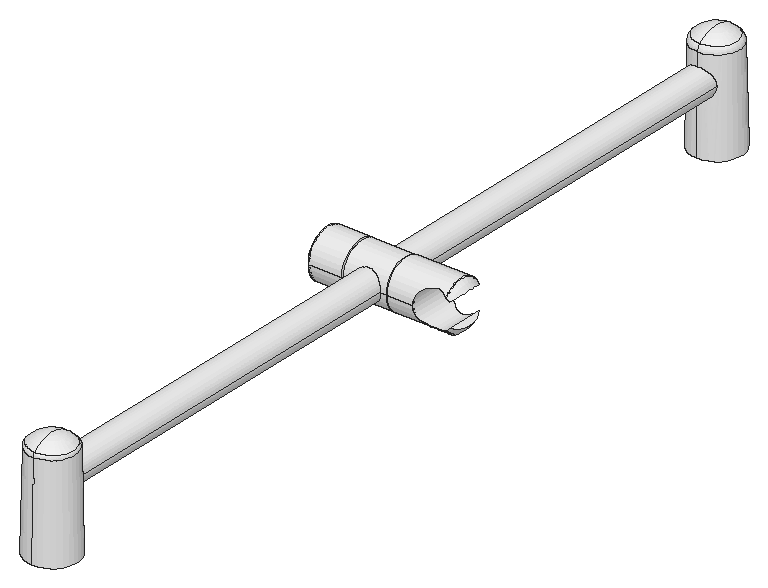
Revit family "Shower_Bar-GROHE-Tempesta-27523_Series", category Plumbing Fixtures, host Face, Revit 2014
Parameters (values of type "27523000")
  cUPC Compliant = yes
  Width = 2 7/8"
  Waste Connection = no
  Warranty Documentation Link = "https://cdn.cloud.grohe.com/tpi/1000/1900/1940/1949/1949006/original/1949006.pdf"
  WFU = 4  # constant formula
  Vent Connection = no
  URL = "https://www.grohe.us/"
  Type Comments = ""
  Tempered Connection Radius = Tempered Connection Diameter / 2  # 1/4"
  Tempered Connection Diameter = Hot Water Connection Diameter  # 1/2"
  Product Page URL = "https://www.grohe.us/en_us/new-tempesta-100-24-shower-bar-27523000.html"
  Price = "Prices may vary. Please consult Manufacturer Representative for most up-to-date price list."  # constant formula
  Model = "27523000"
  Material = "Metal-Grohe-000-Chrome"
  Manufacturer = "Grohe"
  Length = 3 3/16"  # constant formula
  Installation Type = "Wall Mounted"
  Hot Water Connection Radius = Hot Water Connection Diameter / 2  # 1/4"
  Hot Water Connection Diameter = Cold Water Connection Diameter  # 1/2"
  Height = 24 7/16"
  HWFU = 3  # constant formula
  Finish = Metal-Grohe-000-Chrome
  Description = "New Tempesta 24\" Shower Bar"
  Default Elevation = 78"  # constant formula
  Creation Date = "03/01/2017"  # constant formula
  Cold Water Connection Radius = 1/4"  # constant formula
  Cold Water Connection Diameter = Cold Water Connection Radius * 2  # 1/2"
  CalGreen Compliant = yes
  CWFU = 3  # constant formula
  Assembly Code = "D2010710"
Types (3): name | Product Page URL | Model | Material | Height | Finish
  (no name) | "https://www.grohe.us/en_us/new-tempesta-100-24-shower-bar-27523000.html" | "27523000" | "Metal-Grohe-000-Chrome" | 24 7/16" | Metal-Grohe-000-Chrome
  27523000 | "https://www.grohe.us/en_us/new-tempesta-100-24-shower-bar-27523000.html" | "27523000" | "Metal-Grohe-000-Chrome" | 24 7/16" | Metal-Grohe-000-Chrome
  27523EN0 | "https://www.grohe.us/en_us/new-tempesta-24-shower-bar-27523EN0.html" | "27523EN0" | "Metal-Grohe-EN0-Brushed Nickel" | 24 105/256" | Metal-Grohe-EN0-Brushed Nickel
Reference planes (in)
  plane 1 "Center (Front/Back)": y = 0
  plane 2: z = 0
  plane 3 "Center (Left/Right)": x = 0
  plane 4: x = -1.4375
  plane 5: x = 1.4375
  plane 6: z = 2.40157
  plane 7: z = 1.53543
  plane 8: z = 1.96181
  plane 9: x = -6
  plane 10: y = 12.21875
  plane 11: y = -12.21875
  plane 12: z = 3.1875
  plane 13: x = 1.9422
  plane 14: y = 0.0625
  plane 15: y = -9.94675
  plane 16: x = -1.44997
  plane 17: x = -0.90067
Forms (in)
  Revolve 1, solid, material "Metal-Grohe-000-Chrome" <- "Finish"
    sketch origin (0, 0, 0) x (0, 1, 0) y (0, 0, 1)
      loop
        line (12.21875, 0) -> (12.9513, 0) -> (12.90283, 2.77689)
        arc (12.90283, 2.77689) -> (12.88001, 2.87696) -> (12.8189, 2.95943) r 0.25
        arc (12.8189, 2.95943) -> (12.53976, 3.12856) -> (12.21875, 3.1875) r 0.90366
        line (12.21875, 3.1875) -> (12.21875, 0)
      axis (12.21875, 3.1875) -> (12.21875, 0)
    angle from 0 to 360
  Extrusion 2, solid, material "Metal-Grohe-000-Chrome" <- "Finish"
    sketch origin (0, 0, 0) x (1, 0, 0) y (0, 0, 1)
      loop
        circle (0, 1.96181) r 0.43977
    from -12.21875 to 12.21875
  Revolve 3, solid, material "Metal-Grohe-000-Chrome" <- "Finish"
    sketch origin (0, 0, 0) x (0, -1, 0) y (0, 0, 1)
      loop
        line (12.21875, 0) -> (12.9513, 0) -> (12.90213, 2.81713)
        arc (12.90213, 2.81713) -> (12.88982, 2.87489) -> (12.85674, 2.92382) r 0.15446
        arc (12.85674, 2.92382) -> (12.56392, 3.11898) -> (12.21875, 3.1875) r 0.90366
        line (12.21875, 3.1875) -> (12.21875, 0)
      axis (12.21875, 3.1875) -> (12.21875, 0)
    angle from 0 to 360
  Revolve 4, solid, material "Metal-Grohe-000-Chrome" <- "Finish"
    sketch origin (0, 0, 1.96181) x (1, 0, 0) y (0, 1, 0)
      loop
        line (-1.95278, 0) -> (2.64519, 0)
        arc (2.64519, 0) -> (2.54925, 0.39346) -> (2.28298, 0.6986) r 0.85482
        arc (2.28298, 0.6986) -> (2.2679, 0.70609) -> (2.25127, 0.70866) r 0.05503
        line (2.25127, 0.70866) -> (0.66339, 0.70866) -> (0.66339, 0.65724) -> (0.62621, 0.65724) -> (0.62621, 0.70866) -> (-0.62992, 0.70866) -> (-0.62992, 0.65724) -> (-0.68307, 0.65724) -> (-0.68307, 0.70866) -> (-1.64819, 0.70866)
        arc (-1.64819, 0.70866) -> (-1.66596, 0.70495) -> (-1.68075, 0.69443) r 0.04436
        arc (-1.68075, 0.69443) -> (-1.88234, 0.37291) -> (-1.95278, 0) r 1.02238
      axis (2.64519, 0) -> (-1.95278, 0)
    angle from 0 to 360
  Extrusion 5, void
    sketch origin (0, 0, 0) x (1, 0, 0) y (0, 0, 1)
      loop
        arc (2.35799, 2.30852) -> (1.39819, 1.95772) -> (2.35799, 1.60691) r 0.54401
        line (2.35799, 1.60691) -> (2.61361, 1.39125)
        arc (2.61361, 1.39125) -> (2.73029, 1.95772) -> (2.61361, 2.52419) r 1.43348
        line (2.61361, 2.52419) -> (2.35799, 2.30852)
    from -0.96532 to 1.45825
  Extrusion 6, solid, material "Metal-Grohe-000-Chrome" <- "Finish"
    sketch origin (0.15234, 0, 0) x (1, 0, 0) y (0, 0, 1)
      loop
        circle (-1.32365, 1.96181) r 0.26619
    from -0.80288 to 0
Cuts and joins
  Extrusion 5 cuts Revolve 1
  Extrusion 5 cuts Extrusion 2
  Extrusion 5 cuts Revolve 3
  Extrusion 5 cuts Revolve 4
  joined: Revolve 1, Extrusion 2, Revolve 3, Revolve 4, Extrusion 6
Lines and regions (in)
  Masking region 1
    outline origin (0, 0, 0) x (1, 0, 0) y (0, 0, 1)
      loop
        arc (2.30266, 1.25984) -> (2.41447, 1.36162) -> (2.50684, 1.48133) r 0.86429
        line (2.50684, 1.48133) -> (2.35799, 1.60691)
        arc (2.35799, 1.60691) -> (1.39819, 1.95772) -> (2.35799, 2.30852) r 0.54401
        line (2.35799, 2.30852) -> (2.49819, 2.42681)
        arc (2.49819, 2.42681) -> (2.38806, 2.56069) -> (2.25342, 2.66991) r 0.86429
        line (2.25342, 2.66991) -> (0.68955, 2.66991) -> (0.68234, 2.8763)
        arc (0.68234, 2.8763) -> (0, 3.1904) -> (-0.68234, 2.8763) r 0.89821
        line (-0.68234, 2.8763) -> (-0.68582, 2.67717) -> (-1.66732, 2.67717)
        arc (-1.66732, 2.67717) -> (-1.96264, 1.9685) -> (-1.66732, 1.25984) r 0.99793
        line (-1.66732, 1.25984) -> (-0.71056, 1.25984) -> (-0.73255, 0) -> (0.73255, 0) -> (0.71056, 1.25984) -> (2.30266, 1.25984)
  symbolic lines, detail levels medium+fine
    curve 1: line (0.68234, 0, 2.8763) -> (0.71056, 0, 1.25984)
    curve 2: line (-0.71056, 0, 1.25984) -> (-0.68582, 0, 2.67717)
    curve 3: circle (-1.17131, 0, 1.96181) r 0.26619 normal (0, -1, 0)
Dimensions and locks (in)
  equal spacing: plane 4, plane 3 "Center (Left/Right)", plane 5
  locked: plane 4 to plane 5 at 2.875
  plane 9 to plane 3 "Center (Left/Right)" = 6"
  equal spacing: plane 10, plane 1 "Center (Front/Back)", plane 11
  "Height": plane 10 to plane 11
  "Length": plane 12 to level
  locked: plane 3 "Center (Left/Right)" to plane 13 at 1.9422
  locked: plane 14 to plane 1 "Center (Front/Back)" at 0.0625
  locked: plane 15 to plane 11 at 2.272
  diameter of Extrusion 2 sketch curve = 0.87953"
  aligned and locked: plane 2 to host face
  aligned and locked: level to host face
  aligned and locked: Extrusion 2 to plane 11
  aligned and locked: plane 3 "Center (Left/Right)" to Extrusion 2 sketch curve
  aligned and locked: plane 8 to Extrusion 2 sketch curve
  aligned and locked: Revolve 1 sketch curve to plane 10
  aligned and locked: plane 10 to Revolve 1 sketch curve
  aligned and locked: level to Revolve 1 sketch curve
  aligned and locked: plane 11 to Revolve 3 sketch curve
  aligned and locked: Revolve 3 sketch curve to plane 11
  aligned and locked: Revolve 3 sketch curve to level
  aligned and locked: plane 8 to cut or joined group of Revolve 1, Extrusion 2, Revolve 3, Revolve 4, Extrusion 5, Extrusion 6
  aligned and locked: cut or joined group of Revolve 1, Extrusion 2, Revolve 3, Revolve 4, Extrusion 5, Extrusion 6 to plane 10
Automatic sketch dimensions
  host sketch curve to host sketch curve = 96"  (x2)
  plane 1 "Center (Front/Back)" to Revolve 4 sketch curve = 0"  (x2)
  Revolve 4 sketch curve to plane 16 = 0.50281"
  Revolve 4 sketch curve to plane 16 = 0.19823"
  Revolve 4 sketch curve to plane 17 = 0.02973"
  plane 17 to Revolve 4 sketch curve = 0.2176"
  Revolve 4 sketch curve to Revolve 4 sketch curve = 0.05315"
  plane 3 "Center (Left/Right)" to Revolve 4 sketch curve = 0.62621"
  Revolve 4 sketch curve to Revolve 4 sketch curve = 0.03718"
  Revolve 4 sketch curve to plane 13 = 0.15183"
  plane 13 to Revolve 4 sketch curve = 0.30907"
  plane 13 to Revolve 4 sketch curve = 0.70299"
  plane 14 to Revolve 4 sketch curve = 0.59113"
  plane 14 to Revolve 4 sketch curve = 0.59474"  (x2)
  plane 14 to Revolve 4 sketch curve = 0.6018"
  Revolve 4 sketch curve to Revolve 4 sketch curve = 0.05142"  (x2)
  Revolve 4 sketch curve to Revolve 4 sketch curve = 0"
  Revolve 4 sketch curve to Revolve 4 sketch curve = 0.67466"
  Revolve 4 sketch curve to Revolve 4 sketch curve = 1/4"
  Extrusion 5 sketch curve to plane 13 = 0"
  plane 8 to Extrusion 5 sketch curve = 0.00409"  (x2)
  plane 5 to Extrusion 5 sketch curve = 0.14069"
  Extrusion 5 sketch curve to plane 6 = 0.09306"
  plane 13 to Extrusion 5 sketch curve = 0.41579"
  plane 7 to Extrusion 5 sketch curve = 0.07148"
  plane 6 to Extrusion 5 sketch curve = 0.12261"
  Extrusion 5 sketch curve to plane 7 = 0.14419"
  Extrusion 5 sketch curve to Extrusion 5 sketch curve = 0.25562"
  Extrusion 5 sketch curve to Extrusion 5 sketch curve = 0"
  Masking region 1 sketch curve to level = 0"
  Masking region 1 sketch curve to plane 3 "Center (Left/Right)" = 0"
  plane 17 to Masking region 1 sketch curve = 0.21833"
  Masking region 1 sketch curve to Masking region 1 sketch curve = 0.00348"
  plane 17 to Masking region 1 sketch curve = 0.19011"
  plane 17 to Masking region 1 sketch curve = 0.16812"
  Masking region 1 sketch curve to plane 8 = 0.00669"
  Masking region 1 sketch curve to plane 17 = 0.06404"
  Masking region 1 sketch curve to plane 12 = 0.3112"
  plane 3 "Center (Left/Right)" to Masking region 1 sketch curve = 0.68234"
  Masking region 1 sketch curve to Masking region 1 sketch curve = 0.00721"
  Masking region 1 sketch curve to plane 7 = 0.27559"  (x2)
  plane 3 "Center (Left/Right)" to Masking region 1 sketch curve = 0.71056"
  plane 5 to Masking region 1 sketch curve = 0.70495"
  plane 8 to Masking region 1 sketch curve = 0.01436"
  Masking region 1 sketch curve to plane 13 = 0.16318"
  Masking region 1 sketch curve to plane 6 = 7/64"
  Masking region 1 sketch curve to Masking region 1 sketch curve = 0.2064"
  Masking region 1 sketch curve to plane 13 = 0"
  Masking region 1 sketch curve to plane 6 = 0.09306"
  plane 8 to Masking region 1 sketch curve = 0.00409"
  plane 7 to Masking region 1 sketch curve = 0.07148"
  plane 6 to Masking region 1 sketch curve = 0.02523"
  Masking region 1 sketch curve to plane 7 = 0.05411"
  Masking region 1 sketch curve to Masking region 1 sketch curve = 0"  (x2)
  Masking region 1 sketch curve to Masking region 1 sketch curve = 0.00865"
  Masking region 1 sketch curve to Masking region 1 sketch curve = 0.20419"
  Masking region 1 sketch curve to Masking region 1 sketch curve = 0.1402"
  Masking region 1 sketch curve to plane 16 = 0.21736"  (x2)
  Extrusion 6 sketch curve to plane 8 = 0"
  plane 4 to Extrusion 6 sketch curve = 0.26619"
  curve 3 to plane 8 = 0"
  plane 4 to curve 3 = 0.26619"
  plane 17 to curve 2 = 0.19011"
  plane 17 to curve 2 = 55/256"
  curve 1 to plane 12 = 0.3112"
  plane 3 "Center (Left/Right)" to curve 1 = 0.68234"
  curve 1 to plane 7 = 0.27559"
  plane 3 "Center (Left/Right)" to curve 1 = 0.71056"
  curve 2 to plane 7 = 0.27559"
  plane 6 to curve 2 = 0.27559"
  Revolve 1 sketch curve to plane 12 = 0"
  Revolve 1 sketch curve to plane 10 = 0.43412"
  plane 6 to Revolve 1 sketch curve = 0.37532"
  Revolve 1 sketch curve to Revolve 1 sketch curve = 0.24996"
  Revolve 1 sketch curve to plane 10 = 0.73255"
  Revolve 1 sketch curve to plane 6 = 0.11774"
  Revolve 1 sketch curve to Revolve 1 sketch curve = 0.00436"
  Revolve 1 sketch curve to Revolve 1 sketch curve = 0.86707"
  Revolve 1 sketch curve to Revolve 1 sketch curve = 0.58022"
  Revolve 3 sketch curve to plane 12 = 0"
  plane 11 to Revolve 3 sketch curve = 0.52894"
  plane 12 to Revolve 3 sketch curve = 0.37037"
  Revolve 3 sketch curve to Revolve 3 sketch curve = 0.15443"
  plane 11 to Revolve 3 sketch curve = 0.73255"
  plane 6 to Revolve 3 sketch curve = 0.11774"
  Revolve 3 sketch curve to Revolve 3 sketch curve = 0.0027"
  Revolve 3 sketch curve to Revolve 3 sketch curve = 0.86707"
  Revolve 3 sketch curve to Revolve 3 sketch curve = 0.58022"
  radius of Extrusion 6 sketch curve = 0.26619"
  radius of curve 3 = 0.26619"
